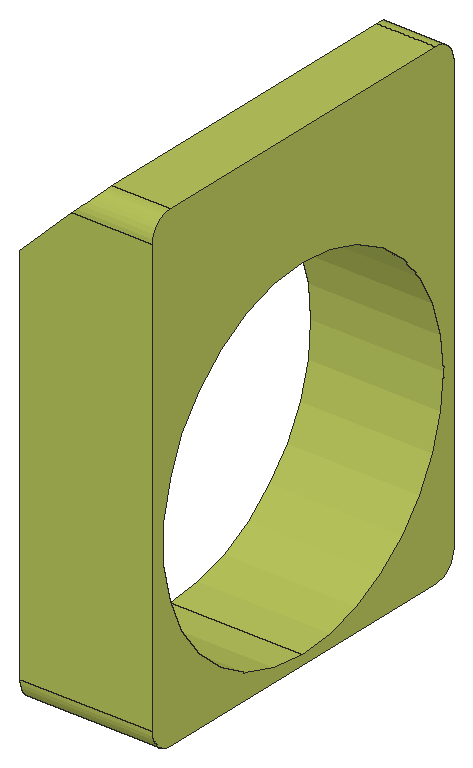
Revit family "51564 HCOM 825 101 premium (Final)", category Mechanical Equipment, Revit 2022
Family settings
  Round Connector Dimension = Use Diameter
  Part Type = Normal
  OmniClass Number = 23.75.00.00
  OmniClass Title = Climate Control (HVAC)
  Work Plane-Based = No
  Always vertical = Yes
  Cut with Voids When Loaded = No
  Maintain Annotation Orientation = No
  Shared = No
  Room Calculation Point = No
Parameters
  Default Elevation = 0 mm
Reference planes
  plane 1 "Center (Front/Back)": y = 0
  plane 2: z = 0
  plane 3 "Center (Left/Right)": x = 0
Forms (mm)
  Extrusion 1, solid, material "Default New Material"
    sketch origin (117.545, 775.043, 1272.339) x (0, 0, 1) y (1, 0, 0)
      loop
        line (-115.189, -175.235) -> (-102.489, -162.535) -> (-102.489, -152.502) -> (-185.039, -152.502) -> (-185.039, -175.235) -> (-115.189, -175.235)
    from -45.136 to -109.652
  Extrusion 2, void
    sketch origin (-34.957, 754.799, 1068.25) x (0, 0, 1) y (0, 1, 0)
      loop
        circle (50.8, -57.15) r 30.163
      loop
        line (101.6, -24.892) -> (97.79, -24.892)
        arc (97.79, -24.892) -> (100.484, -26.008) -> (101.6, -28.702) r 3.81
        line (101.6, -28.702) -> (101.6, -24.892)
      loop
        line (101.6, -89.408) -> (101.6, -85.598)
        arc (101.6, -85.598) -> (100.484, -88.292) -> (97.79, -89.408) r 3.81
        line (97.79, -89.408) -> (101.6, -89.408)
      loop
        line (19.05, -24.892) -> (19.05, -28.702)
        arc (19.05, -28.702) -> (20.166, -26.008) -> (22.86, -24.892) r 3.81
        line (22.86, -24.892) -> (19.05, -24.892)
      loop
        line (19.05, -89.408) -> (22.86, -89.408)
        arc (22.86, -89.408) -> (20.166, -88.292) -> (19.05, -85.598) r 3.81
        line (19.05, -85.598) -> (19.05, -89.408)
    from 0 to 250
Cuts and joins
  Extrusion 2 cuts Extrusion 1
Dimensions and locks
  aligned and locked: level to plane 2
